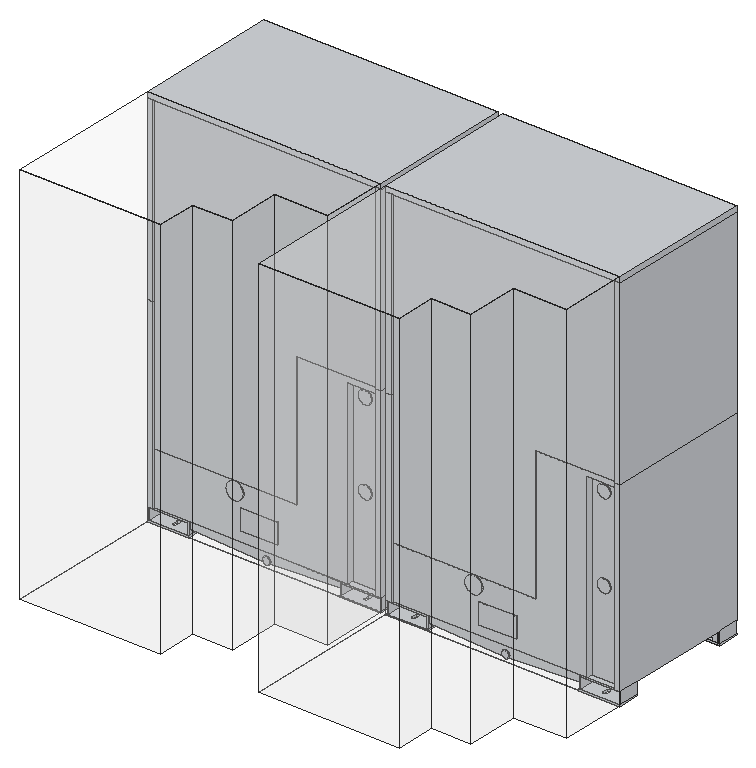
Revit family "pqry-p224_1000(s)dmg5_60Hz", category 機械設備, Revit 2019 (continued)
Types (21, lengths in mm): name | 音響パワーレベル(dB) | 電動機出力_圧縮機 | 運転質量 | 製品質量 | 熱源水量 | 消費電力_暖房 | 消費電力_冷房 | 消費電力 | 水熱交換機器　保有水量 | 最小電線太さ_mm2 | 暖房能力 | 損失水頭_熱源水一次側 | 推奨ブレーカー容量 | 冷媒液管径 | 冷媒ガス管径 | ユニット2 | 冷房能力 | 冷媒管径符号 | ユニット数 | ユニット2電源幅 | ユニット2ダクト左位置 | ユニット2水配管出口高さ | ユニット2水配管出口幅 | ユニット2水配管入口高さ | ユニット2水配管入口幅 | ユニット2冷媒高圧径 | ユニット2冷媒管高さ | ユニット2冷媒管幅 | ユニット2冷媒管奥行き | ユニット2冷媒低圧径 | ユニット2ドレン幅 | ユニット2表示 | ユニット1 | ユニット1電源幅 | ユニット1ダクト左位置 | ユニット1水配管出口高さ | ユニット1水配管出口幅 | ユニット1水配管入口高さ | ユニット1水配管入口幅 | ユニット1冷媒高圧径 | ユニット1冷媒管高さ | ユニット1冷媒管幅 | ユニット1冷媒管奥行き | ユニット1冷媒低圧径 | ユニット1ドレン幅 | モデル | URL | Height
  PQRY-P224DMG5 | 62.5 | 5.1 kW | 180.00 kg | 175.00 kg | 5.76 m³/h | 3.64 kW | 4.14 kW | 4.14 kW | 5 | 5.5 | 25 kW | 24000.0 Pa | 30 A | 15.88 | 19.05 | PQRY-P-DMG① : PQRY-P224DMG5 | 22.4 kW | "De" | 1 | 555.00 | 394.00 | 208.00 | 77.00 | 124.00 | 77.00 | 15.88 | 185.00 | 463.50 | 91.00 | 19.05 | 435.00 | no | PQRY-P-DMG① : PQRY-P224DMG5 | 555.00 | 394.00 | 208.00 | 77.00 | 124.00 | 77.00 | 15.88 | 185.00 | 463.50 | 91.00 | 19.05 | 435.00 | "PQRY-P224DMG5" | "https://www.mitsubishielectric.co.jp/ldg/wink/ssl/displayProduct.do?pid=281533" | 1100.00
  PQRY-P280DMG5 | 68.5 | 7.1 kW | 180.00 kg | 175.00 kg | 5.76 m³/h | 5.54 kW | 6.51 kW | 6.51 kW | 5 | 8 | 31.5 kW | 24000.0 Pa | 40 A | 19.05 | 22.20 | PQRY-P-DMG① : PQRY-P280DMG5 | 28 kW | "Ef" | 1 | 555.00 | 394.00 | 208.00 | 77.00 | 124.00 | 77.00 | 19.05 | 185.00 | 463.50 | 91.00 | 22.20 | 435.00 | no | PQRY-P-DMG① : PQRY-P280DMG5 | 555.00 | 394.00 | 208.00 | 77.00 | 124.00 | 77.00 | 19.05 | 185.00 | 463.50 | 91.00 | 22.20 | 435.00 | "PQRY-P280DMG5" | "https://www.mitsubishielectric.co.jp/ldg/wink/ssl/displayProduct.do?ccd=2020121018&pid=281427" | 1100.00
  PQRY-P335DMG5 | 72.5 | 7.9 kW | 180.00 kg | 175.00 kg | 5.76 m³/h | 6.55 kW | 7.77 kW | 7.77 kW | 5 | 14 | 37.5 kW | 24000.0 Pa | 40 A | 19.05 | 22.20 | PQRY-P-DMG① : PQRY-P335DMG5 | 33.5 kW | "Ef" | 1 | 555.00 | 394.00 | 208.00 | 77.00 | 124.00 | 77.00 | 19.05 | 185.00 | 463.50 | 91.00 | 22.20 | 435.00 | no | PQRY-P-DMG① : PQRY-P335DMG5 | 555.00 | 394.00 | 208.00 | 77.00 | 124.00 | 77.00 | 19.05 | 185.00 | 463.50 | 91.00 | 22.20 | 435.00 | "PQRY-P335DMG5" | "https://www.mitsubishielectric.co.jp/ldg/wink/ssl/displayProduct.do?pid=281545&ccd=2020121121&spid=281535" | 1100.00
  PQRY-P400DMG5 | 66 | 9.5 kW | 264.00 kg | 254.00 kg | 11.52 m³/h | 7.46 kW | 8.84 kW | 8.84 kW | 10 | 14 | 45 kW | 45000.0 Pa | 50 A | 19.05 | 25.40 | PQRY-P-DMG② : PQRY-P400DMG5 | 40 kW | "Eｇ" | 1 | 554.00 | 393.00 | 320.00 | 82.00 | 367.00 | 82.00 | 19.05 | 278.00 | 467.50 | 84.00 | 25.40 | 434.00 | no | PQRY-P-DMG② : PQRY-P400DMG5 | 554.00 | 393.00 | 320.00 | 82.00 | 367.00 | 82.00 | 19.05 | 278.00 | 467.50 | 84.00 | 25.40 | 434.00 | "PQRY-P400DMG5" | "https://www.mitsubishielectric.co.jp/ldg/wink/ssl/displayProduct.do?ccd=2020121121&pid=281536" | 1450.00
  PQRY-P450DMG5 | 67.5 | 10.2 kW | 264.00 kg | 254.00 kg | 11.52 m³/h | 7.9 kW | 9.84 kW | 9.84 kW | 10 | 14 | 50 kW | 45000.0 Pa | 50 A | 22.20 | 28.58 | PQRY-P-DMG② : PQRY-P450DMG5 | 45 kW | "Fh" | 1 | 554.00 | 393.00 | 320.00 | 82.00 | 367.00 | 82.00 | 22.20 | 278.00 | 467.50 | 84.00 | 28.58 | 434.00 | no | PQRY-P-DMG② : PQRY-P450DMG5 | 554.00 | 393.00 | 320.00 | 82.00 | 367.00 | 82.00 | 22.20 | 278.00 | 467.50 | 84.00 | 28.58 | 434.00 | "PQRY-P450DMG5" | "https://www.mitsubishielectric.co.jp/ldg/wink/ssl/displayProduct.do?pid=281550&ccd=2020121121&spid=281537" | 1450.00
  PQRY-P500DMG5 | 70.5 | 12.3 kW | 264.00 kg | 254.00 kg | 11.52 m³/h | 9.84 kW | 12.93 kW | 12.93 kW | 10 | 22 | 56 kW | 45000.0 Pa | 75 A | 22.20 | 28.58 | PQRY-P-DMG② : PQRY-P500DMG5 | 50 kW | "Fh" | 1 | 554.00 | 393.00 | 320.00 | 82.00 | 367.00 | 82.00 | 22.20 | 278.00 | 467.50 | 84.00 | 28.58 | 434.00 | no | PQRY-P-DMG② : PQRY-P500DMG5 | 554.00 | 393.00 | 320.00 | 82.00 | 367.00 | 82.00 | 22.20 | 278.00 | 467.50 | 84.00 | 28.58 | 434.00 | "PQRY-P500DMG5" | "https://www.mitsubishielectric.co.jp/ldg/wink/ssl/displayProduct.do?pid=281538" | 1450.00
  PQRY-P560DMG5 | 72 | 13.3 kW | 264.00 kg | 254.00 kg | 11.52 m³/h | 11.61 kW | 14.65 kW | 14.65 kW | 10 | 22 | 63 kW | 45000.0 Pa | 75 A | 22.20 | 28.58 | PQRY-P-DMG② : PQRY-P560DMG5 | 56 kW | "Fh" | 1 | 554.00 | 393.00 | 320.00 | 82.00 | 367.00 | 82.00 | 22.20 | 278.00 | 467.50 | 84.00 | 28.58 | 434.00 | no | PQRY-P-DMG② : PQRY-P560DMG5 | 554.00 | 393.00 | 320.00 | 82.00 | 367.00 | 82.00 | 22.20 | 278.00 | 467.50 | 84.00 | 28.58 | 434.00 | "PQRY-P560DMG5" | "https://www.mitsubishielectric.co.jp/ldg/wink/ssl/displayProduct.do?ccd=2020121121&pid=281539" | 1450.00
  PQRY-P630DMG5 | 73 | 16 kW | 264.00 kg | 254.00 kg | 11.52 m³/h | 13.37 kW | 18.58 kW | 18.58 kW | 10 | 22 | 69 kW | 45000.0 Pa | 75 A | 25.40 | 28.58 | PQRY-P-DMG② : PQRY-P630DMG5 | 63 kW | "Gh" | 1 | 554.00 | 393.00 | 320.00 | 82.00 | 367.00 | 82.00 | 25.40 | 278.00 | 467.50 | 84.00 | 28.58 | 434.00 | no | PQRY-P-DMG② : PQRY-P630DMG5 | 554.00 | 393.00 | 320.00 | 82.00 | 367.00 | 82.00 | 25.40 | 278.00 | 467.50 | 84.00 | 28.58 | 434.00 | "PQRY-P630DMG5" | "https://www.mitsubishielectric.co.jp/ldg/wink/ssl/displayProduct.do?pid=281540" | 1450.00
  PQRY-P670DMG5 | 73.5 | 16.1 kW | 264.00 kg | 254.00 kg | 11.52 m³/h | 16.76 kW | 19.78 kW | 19.78 kW | 10 | 22 | 77.5 kW | 45000.0 Pa | 125 A | 25.40 | 31.75 | PQRY-P-DMG② : PQRY-P670DMG5 | 67 kW | "Gi" | 1 | 554.00 | 393.00 | 320.00 | 82.00 | 367.00 | 82.00 | 25.40 | 278.00 | 467.50 | 84.00 | 31.75 | 434.00 | no | PQRY-P-DMG② : PQRY-P670DMG5 | 554.00 | 393.00 | 320.00 | 82.00 | 367.00 | 82.00 | 25.40 | 278.00 | 467.50 | 84.00 | 31.75 | 434.00 | "PQRY-P670DMG5" | "https://www.mitsubishielectric.co.jp/ldg/wink/ssl/displayProduct.do?ccd=2020121121&pid=281541" | 1450.00
  PQRY-P355KDMG5 | 72.5 | 9 kW | 264.00 kg | 254.00 kg | 11.52 m³/h | 0 kW | 0 kW | 0 kW | 10 | 0 | 0 kW | 45000.0 Pa | 60 A | 19.05 | 25.40 | PQRY-P-DMG② : PQRY-P355KDMG5 | 0 kW | "Eg" | 1 | 554.00 | 393.00 | 320.00 | 82.00 | 367.00 | 82.00 | 19.05 | 278.00 | 467.50 | 84.00 | 25.40 | 434.00 | no | PQRY-P-DMG② : PQRY-P355KDMG5 | 554.00 | 393.00 | 320.00 | 82.00 | 367.00 | 82.00 | 19.05 | 278.00 | 467.50 | 84.00 | 25.40 | 434.00 | "PQRY-P355KDMG5" | "https://www.mitsubishielectric.co.jp/ldg/wink/ssl/displayProduct.do?ccd=2020121121&pid=281553" | 1450.00
  PQRY-P450SDMG5 | 65.5 | 10.2 kW | 360.00 kg | 350.00 kg | 11.52 m³/h | 7.28 kW | 8.45 kW | 8.45 kW | 10 | 14 | 50 kW | 24000.0 Pa | 0 A | 22.20 | 28.58 | PQRY-P-DMG① : PQRY-P224DMG5 | 45 kW | "Fh" | 2 | 555.00 | 394.00 | 208.00 | 77.00 | 124.00 | 77.00 | 15.88 | 185.00 | 463.50 | 91.00 | 19.05 | 435.00 | yes | PQRY-P-DMG① : PQRY-P224DMG5 | 555.00 | 394.00 | 208.00 | 77.00 | 124.00 | 77.00 | 15.88 | 185.00 | 463.50 | 91.00 | 19.05 | 435.00 | "PQRY-P450SDMG5" | "https://www.mitsubishielectric.co.jp/ldg/wink/ssl/displayProduct.do?ccd=2020121121&pid=281542" | 1100.00
  PQRY-P500SDMG5 | 69.5 | 12.2 kW | 360.00 kg | 350.00 kg | 11.52 m³/h | 8.93 kW | 10.52 kW | 10.52 kW | 10 | 22 | 56 kW | 24000.0 Pa | 0 A | 22.20 | 28.58 | PQRY-P-DMG① : PQRY-P224DMG5 | 50 kW | "Fh" | 2 | 555.00 | 394.00 | 208.00 | 77.00 | 124.00 | 77.00 | 15.88 | 185.00 | 463.50 | 91.00 | 19.05 | 435.00 | yes | PQRY-P-DMG① : PQRY-P280DMG5 | 555.00 | 394.00 | 208.00 | 77.00 | 124.00 | 77.00 | 19.05 | 185.00 | 463.50 | 91.00 | 22.20 | 435.00 | "PQRY-P500SDMG5" | "https://www.mitsubishielectric.co.jp/ldg/wink/ssl/displayProduct.do?ccd=2020121121&pid=281543" | 1100.00
  PQRY-P560SDMG5 | 71.5 | 13.3 kW | 360.00 kg | 350.00 kg | 11.52 m³/h | 10.62 kW | 12.61 kW | 12.61 kW | 10 | 22 | 63 kW | 24000.0 Pa | 0 A | 22.20 | 28.58 | PQRY-P-DMG① : PQRY-P280DMG5 | 56 kW | "Fh" | 2 | 555.00 | 394.00 | 208.00 | 77.00 | 124.00 | 77.00 | 19.05 | 185.00 | 463.50 | 91.00 | 22.20 | 435.00 | yes | PQRY-P-DMG① : PQRY-P280DMG5 | 555.00 | 394.00 | 208.00 | 77.00 | 124.00 | 77.00 | 19.05 | 185.00 | 463.50 | 91.00 | 22.20 | 435.00 | "PQRY-P560SDMG5" | "https://www.mitsubishielectric.co.jp/ldg/wink/ssl/displayProduct.do?ccd=2020121121&pid=281544" | 1100.00
  PQRY-P630SDMG5 | 67.5 | 15 kW | 360.00 kg | 350.00 kg | 11.52 m³/h | 11.75 kW | 14.54 kW | 14.54 kW | 10 | 38 | 69 kW | 24000.0 Pa | 0 A | 25.40 | 28.58 | PQRY-P-DMG① : PQRY-P280DMG5 | 63 kW | "Gh" | 2 | 555.00 | 394.00 | 208.00 | 77.00 | 124.00 | 77.00 | 19.05 | 185.00 | 463.50 | 91.00 | 22.20 | 435.00 | yes | PQRY-P-DMG① : PQRY-P335DMG5 | 555.00 | 394.00 | 208.00 | 77.00 | 124.00 | 77.00 | 19.05 | 185.00 | 463.50 | 91.00 | 22.20 | 435.00 | "PQRY-P630SDMG5" | "https://www.mitsubishielectric.co.jp/ldg/wink/ssl/displayProduct.do?ccd=2020121121&pid=281545" | 1100.00
  PQRY-P670SDMG5 | 75.5 | 15.8 kW | 360.00 kg | 350.00 kg | 11.52 m³/h | 13.79 kW | 16.34 kW | 16.34 kW | 10 | 38 | 77.5 kW | 24000.0 Pa | 0 A | 25.40 | 31.75 | PQRY-P-DMG① : PQRY-P335DMG5 | 67 kW | "Gi" | 2 | 555.00 | 394.00 | 208.00 | 77.00 | 124.00 | 77.00 | 19.05 | 185.00 | 463.50 | 91.00 | 22.20 | 435.00 | yes | PQRY-P-DMG① : PQRY-P335DMG5 | 555.00 | 394.00 | 208.00 | 77.00 | 124.00 | 77.00 | 19.05 | 185.00 | 463.50 | 91.00 | 22.20 | 435.00 | "PQRY-P670SDMG5" | "https://www.mitsubishielectric.co.jp/ldg/wink/ssl/displayProduct.do?pid=281546" | 1100.00
  PQRY-P730SDMG5 | 68 | 18 kW | 528.00 kg | 508.00 kg | 23.04 m³/h | 13.93 kW | 16.97 kW | 16.97 kW | 20 | 38 | 82.5 kW | 90000.0 Pa | 0 A | 25.40 | 31.75 | PQRY-P-DMG② : PQRY-P355KDMG5 | 73 kW | "Gi" | 2 | 554.00 | 393.00 | 320.00 | 82.00 | 367.00 | 82.00 | 19.05 | 278.00 | 467.50 | 84.00 | 25.40 | 434.00 | yes | PQRY-P-DMG② : PQRY-P355KDMG5 | 554.00 | 393.00 | 320.00 | 82.00 | 367.00 | 82.00 | 19.05 | 278.00 | 467.50 | 84.00 | 25.40 | 434.00 | "PQRY-P730SDMG5" | "https://www.mitsubishielectric.co.jp/ldg/wink/ssl/displayProduct.do?pid=281547" | 1450.00
  PQRY-P775SDMG5 | 69 | 19 kW | 528.00 kg | 508.00 kg | 23.04 m³/h | 15.2 kW | 18.02 kW | 18.02 kW | 20 | 60 | 90 kW | 90000.0 Pa | 0 A | 28.58 | 31.75 | PQRY-P-DMG② : PQRY-P400DMG5 | 77.5 kW | "Hi" | 2 | 554.00 | 393.00 | 320.00 | 82.00 | 367.00 | 82.00 | 19.05 | 278.00 | 467.50 | 84.00 | 25.40 | 434.00 | yes | PQRY-P-DMG② : PQRY-P400DMG5 | 554.00 | 393.00 | 320.00 | 82.00 | 367.00 | 82.00 | 19.05 | 278.00 | 467.50 | 84.00 | 25.40 | 434.00 | "PQRY-P775SDMG5" | "https://www.mitsubishielectric.co.jp/ldg/wink/ssl/displayProduct.do?ccd=2020121121&pid=281548" | 1450.00
  PQRY-P850SDMG5 | 70 | 19.7 kW | 528.00 kg | 508.00 kg | 23.04 m³/h | 15.65 kW | 19.63 kW | 19.63 kW | 20 | 60 | 95 kW | 90000.0 Pa | 0 A | 28.58 | 31.75 | PQRY-P-DMG② : PQRY-P400DMG5 | 85 kW | "Hi" | 2 | 554.00 | 393.00 | 320.00 | 82.00 | 367.00 | 82.00 | 19.05 | 278.00 | 467.50 | 84.00 | 25.40 | 434.00 | yes | PQRY-P-DMG② : PQRY-P450DMG5 | 554.00 | 393.00 | 320.00 | 82.00 | 367.00 | 82.00 | 22.20 | 278.00 | 467.50 | 84.00 | 28.58 | 434.00 | "PQRY-P850SDMG5" | "https://www.mitsubishielectric.co.jp/ldg/wink/ssl/displayProduct.do?ccd=2020121121&pid=281549" | 1450.00
  PQRY-P900SDMG5 | 70.5 | 20.4 kW | 528.00 kg | 508.00 kg | 23.04 m³/h | 22.07 kW | 21.07 kW | 22.07 kW | 20 | 60 | 100 kW | 90000.0 Pa | 0 A | 28.58 | 31.75 | PQRY-P-DMG② : PQRY-P450DMG5 | 90 kW | "Hi" | 2 | 554.00 | 393.00 | 320.00 | 82.00 | 367.00 | 82.00 | 22.20 | 278.00 | 467.50 | 84.00 | 28.58 | 434.00 | yes | PQRY-P-DMG② : PQRY-P450DMG5 | 554.00 | 393.00 | 320.00 | 82.00 | 367.00 | 82.00 | 22.20 | 278.00 | 467.50 | 84.00 | 28.58 | 434.00 | "PQRY-P900SDMG5" | "https://www.mitsubishielectric.co.jp/ldg/wink/ssl/displayProduct.do?pid=281550" | 1450.00
  PQRY-P950SDMG5 | 72.5 | 22.5 kW | 528.00 kg | 508.00 kg | 23.04 m³/h | 24.65 kW | 24.99 kW | 24.99 kW | 20 | 100 | 106 kW | 90000.0 Pa | 0 A | 28.58 | 38.10 | PQRY-P-DMG② : PQRY-P450DMG5 | 95 kW | "Hk" | 2 | 554.00 | 393.00 | 320.00 | 82.00 | 367.00 | 82.00 | 22.20 | 278.00 | 467.50 | 84.00 | 28.58 | 434.00 | yes | PQRY-P-DMG② : PQRY-P500DMG5 | 554.00 | 393.00 | 320.00 | 82.00 | 367.00 | 82.00 | 22.20 | 278.00 | 467.50 | 84.00 | 28.58 | 434.00 | "PQRY-P950SDMG5" | "https://www.mitsubishielectric.co.jp/ldg/wink/ssl/displayProduct.do?ccd=2020121121&pid=281551" | 1450.00
  PQRY-P1000SDMG5 | 73.5 | 24.6 kW | 528.00 kg | 508.00 kg | 23.04 m³/h | 27.45 kW | 28.81 kW | 28.81 kW | 20 | 100 | 112 kW | 90000.0 Pa | 0 A | 28.58 | 38.10 | PQRY-P-DMG② : PQRY-P500DMG5 | 100 kW | "Hk" | 2 | 554.00 | 393.00 | 320.00 | 82.00 | 367.00 | 82.00 | 22.20 | 278.00 | 467.50 | 84.00 | 28.58 | 434.00 | yes | PQRY-P-DMG② : PQRY-P500DMG5 | 554.00 | 393.00 | 320.00 | 82.00 | 367.00 | 82.00 | 22.20 | 278.00 | 467.50 | 84.00 | 28.58 | 434.00 | "PQRY-P1000SDMG5" | "https://www.mitsubishielectric.co.jp/ldg/wink/ssl/displayProduct.do?ccd=2020121121&pid=281552" | 1450.00
